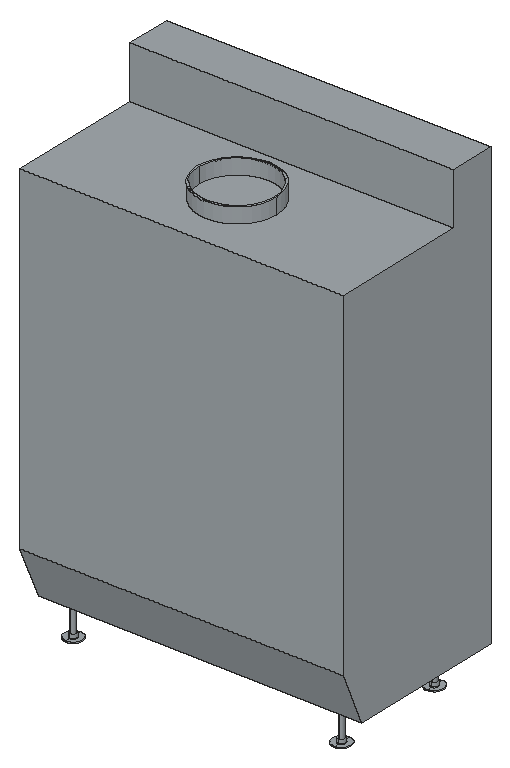
Revit family "METALFIRE_ULTIMATE_D_MF_WHE_1S", category Mechanical Equipment, host Wall, Revit 2017
Family settings
  Host = Wall
  Round Connector Dimension = Use Diameter
  Part Type = Normal
  OmniClass Number = 23.75.00.00
  OmniClass Title = Climate Control (HVAC)
  Always vertical = Yes
  Cut with Voids When Loaded = No
  Shared = No
  Room Calculation Point = Yes
Parameters (values of type "800 x 500 mm")
  WIDTH = 836 mm
  WEIGHT = 405.00 kg
  URL = "https://www.metalfire.eu"
  TECHNICAL SHEET = "https://www.metalfire.eu/en/products/wood-fireplaces/ultime-d"
  SMOKE EXHAUST = "Ø250 mm"
  PRODUCT SHEET = "https://www.archiproducts.com/en/products/metalfire/wood-burning-fireplace-ultime-d-wood-burning-fireplace_456407"
  PRODUCT CODE = "MF 800-50 WHE 1S"
  OVERALL WIDTH = 1060 mm
  OVERALL HEIGHT = 1561 mm
  OVERALL DEPTH = 619 mm
  OUTPUT = 16.6 kW
  Number [instance] = WIDTH / 20 mm  # 42
  Model = "Ultime D"
  Manufacturer = "Metalfire"
  MATERIAL DESCRIPTION = "Iron, galvanized steel and vermiculite plates"
  HEIGHT = 506 mm
  FRAME MATERIAL = Iron - Metalfire
  FINISHING MATERIAL = Black painted vermiculite plates - Metalfire
  FINE DUST EMISSION = "32 mg/Nm3"
  ENERGY EFFICIENCY CLASS = "A+"
  EFFICIENCY = 80.00%
  Description = "This generation of room air independent wood fireplaces with liftable door is equipped with a dynamic combustion technique that ensures optimal combustion and high efficiency."
  CO EMISSION = 0.07%
  BIM USER MANUAL = "https://img.edilportale.com/bim/METALFIRE-BIM-USER-MANUAL-Metalfire-bim.pdf"
  BIM BADGE = "https://bim.archiproducts.com/en/badge/bim-archiproducts-featured_658700/about"
  BIM AUTHOR = "https://bim.archiproducts.com"
Types (6, lengths in mm): name | WIDTH | WEIGHT | PRODUCT CODE | OVERALL WIDTH | OVERALL HEIGHT | OUTPUT | Number | HEIGHT | FINE DUST EMISSION | EFFICIENCY | CO EMISSION
  600 x 500 mm | 836 | 345.00 kg | "MF 600-50 WHE 1S" | 860 | 1561 | 13.8 kW | 42 | 506 | "33 mg/Nm3" | 80.00% | 0.09%
  600 x 750 mm | 836 | 368.00 kg | "MF 600-75 WHE 1S" | 860 | 2061 | 18.8 kW | 42 | 756 | "20 mg/Nm3" | 80.00% | 0.07%
  800 x 500 mm | 836 | 405.00 kg | "MF 800-50 WHE 1S" | 1060 | 1561 | 16.6 kW | 42 | 506 | "32 mg/Nm3" | 80.00% | 0.07%
  800 x 750 mm | 836 | 435.00 kg | "MF 800-75 WHE 1S" | 1060 | 2061 | 21.5 kW | 42 | 756 | "30 mg/Nm3" | 80.00% | 0.08%
  1050 x 500 mm | 1066 | 470.00 kg | "MF 1050-50 WHE 1S" | 1310 | 1561 | 19.4 kW | 53 | 506 | "30 mg/Nm3" | 80.00% | 0.06%
  1050 x 750 mm | 1086 | 495.00 kg | "MF 1050-75 WHE 1S" | 1310 | 2061 | 27.0 kW | 54 | 756 | "26 mg/Nm3" | 77.60% | 0.10%
Reference planes
  plane 1 "Wall": y = 0
  plane 2 "Center (Left/Right)": x = 0
  plane 3 "Back": y = 400
  plane 4: x = 418
  plane 5: x = -418
  plane 6: z = 287.298
  plane 7: z = 793.298
  plane 8: x = -439.5
  plane 9: x = 439.5
  plane 10: x = -398
  plane 11: x = -378
Forms (mm)
  Extrusion 1, void
    sketch origin (0, 400, 0) x (1, 0, 0) y (0, 0, 1)
      loop
        line (428, 277.298) -> (428, 803.298) -> (-428, 803.298) -> (-428, 277.298) -> (428, 277.298)
    from 0 to 90
  Extrusion 2, void
    sketch origin (0, 0, 0) x (0, 1, 0) y (0, 0, 1)
      loop
        line (310, 1561.298) -> (-290, 1561.298) -> (-290, 0) -> (310, 0) -> (310, 1561.298)
    from -530 to 530
  Extrusion 3, solid, material "Black painted vermiculite plates - Metalfire" <- "FINISHING MATERIAL", detail levels medium+fine
    sketch origin (0, 400, 0) x (1, 0, 0) y (0, 0, 1)
      loop
        line (418, 287.298) -> (418, 793.298) -> (-418, 793.298) -> (-418, 287.298) -> (418, 287.298)
      loop
        line (428, 803.298) -> (-428, 803.298) -> (-428, 277.298) -> (428, 277.298) -> (428, 803.298)
    from 90 to 0
  Extrusion 4, solid, material "Iron - Metalfire" <- "FRAME MATERIAL", detail levels fine
    sketch origin (0, 400, 0) x (1, 0, 0) y (0, 0, 1)
      loop
        line (530, 274.993) -> (530, 1389.45) -> (-530, 1389.45) -> (-530, 274.993) -> (530, 274.993)
      loop
        line (481.789, 899.798) -> (345.217, 1288.697) -> (-343.64, 1288.697) -> (-480.211, 899.798) -> (-480.211, 277.298) -> (481.789, 277.298) -> (481.789, 899.798)
    from 240 to 615
  Extrusion 5, solid, material "Iron - Metalfire" <- "FRAME MATERIAL", detail levels fine
    sketch origin (-324, -225.901, 4017.651) x (0, 1, 0) y (0, 0, 1)
      loop
        line (-64.099, -3742.658) -> (10.901, -3742.658) -> (10.901, -2628.201) -> (-64.099, -2628.201) -> (-64.099, -3742.658)
    from -206 to 854
  Extrusion 6, solid, material "Iron - Metalfire" <- "FRAME MATERIAL", detail levels fine
    sketch origin (0, 400, 0) x (1, 0, 0) y (0, 0, 1)
      loop
        line (530, 103.298) -> (530, 1561.298) -> (-530, 1561.298) -> (-530, 103.298) -> (530, 103.298)
      loop
        line (438, 277.298) -> (438, 803.298) -> (-438, 803.298) -> (-438, 277.298) -> (438, 277.298)
    from 90 to 240
  Extrusion 7, solid, material "Iron - Metalfire" <- "FRAME MATERIAL", detail levels fine
    sketch origin (0, 0, 0) x (1, 0, 0) y (0, 1, 0)
      loop
        circle (0, -65) r 125
      loop
        circle (0, -65) r 130
    from 1288.697 to 1438.697
  Revolve 8, solid, material "Iron - Metalfire" <- "FRAME MATERIAL", detail levels fine
    sketch origin (-439.5, 205.804, 4000) x (0, 1, 0) y (0, 0, 1)
      loop
        line (-12, -4000) -> (16.268, -4000) -> (18.268, -3999) -> (18.268, -3997) -> (0.434, -3997) -> (-6, -3994) -> (0, -3994) -> (0, -3984) -> (-4, -3984) -> (-4, -3896.702) -> (-12, -3896.702) -> (-12, -4000)
      axis (-12, -3896.702) -> (-12, -4000)
    angle from 0 to 360
  Revolve 9, solid, material "Iron - Metalfire" <- "FRAME MATERIAL", detail levels fine
    sketch origin (-439.5, -174.196, 4000) x (0, 1, 0) y (0, 0, 1)
      loop
        line (-12, -4000) -> (16.268, -4000) -> (18.268, -3999) -> (18.268, -3997) -> (0.434, -3997) -> (-6, -3994) -> (0, -3994) -> (0, -3984) -> (-4, -3984) -> (-4, -3896.702) -> (-12, -3896.702) -> (-12, -4000)
      axis (-12, -3896.702) -> (-12, -4000)
    angle from 0 to 360
  Revolve 10, solid, material "Iron - Metalfire" <- "FRAME MATERIAL", detail levels fine
    sketch origin (439.5, 205.804, 4000) x (0, 1, 0) y (0, 0, 1)
      loop
        line (-12, -4000) -> (16.268, -4000) -> (18.268, -3999) -> (18.268, -3997) -> (0.434, -3997) -> (-6, -3994) -> (0, -3994) -> (0, -3984) -> (-4, -3984) -> (-4, -3896.702) -> (-12, -3896.702) -> (-12, -4000)
      axis (-12, -3896.702) -> (-12, -4000)
    angle from 0 to 360
  Revolve 11, solid, material "Iron - Metalfire" <- "FRAME MATERIAL", detail levels fine
    sketch origin (439.5, -174.196, 4000) x (0, 1, 0) y (0, 0, 1)
      loop
        line (-12, -4000) -> (16.268, -4000) -> (18.268, -3999) -> (18.268, -3997) -> (0.434, -3997) -> (-6, -3994) -> (0, -3994) -> (0, -3984) -> (-4, -3984) -> (-4, -3896.702) -> (-12, -3896.702) -> (-12, -4000)
      axis (-12, -3896.702) -> (-12, -4000)
    angle from 0 to 360
  Extrusion 12, solid, material "Black painted vermiculite plates - Metalfire" <- "FINISHING MATERIAL", detail levels medium+fine
    sketch origin (0, 0, 0) x (1, 0, 0) y (0, 1, 0)
      loop
        line (-428, -170) -> (428, -170) -> (428, 210) -> (418, 210) -> (418, 310) -> (-418, 310) -> (-418, 210) -> (-428, 210) -> (-428, -170)
    from 277.298 to 287.298
  Extrusion 13, solid, material "Black painted vermiculite plates - Metalfire" <- "FINISHING MATERIAL", detail levels medium+fine
    sketch origin (0, 0, 0) x (1, 0, 0) y (0, 1, 0)
      loop
        line (-438, 310) -> (-438, -180) -> (438, -180) -> (438, 310) -> (418, 310) -> (418, 210) -> (428, 210) -> (428, -170) -> (-428, -170) -> (-428, 210) -> (-418, 210) -> (-418, 310) -> (-438, 310)
    from 277.298 to 803.298
  Extrusion 14, solid, material "Black painted vermiculite plates - Metalfire" <- "FINISHING MATERIAL", detail levels fine
    sketch origin (259.17, 14.558, 0) x (1, 0, 0) y (0, 1, 0)
      loop
        line (-687.17, 175.442) -> (-677.17, 175.442) -> (-677.17, 185.442) -> (-687.17, 185.442) -> (-687.17, 175.442)
    from 287.298 to 803.298
  Extrusion 15, solid, material "Black painted vermiculite plates - Metalfire" <- "FINISHING MATERIAL", detail levels fine
    sketch origin (259.17, -5.442, 0) x (1, 0, 0) y (0, 1, 0)
      loop
        line (-687.17, 175.442) -> (-677.17, 175.442) -> (-677.17, 185.442) -> (-687.17, 185.442) -> (-687.17, 175.442)
    from 287.298 to 803.298
  Extrusion 16, solid, material "Black painted vermiculite plates - Metalfire" <- "FINISHING MATERIAL", detail levels fine
    sketch origin (259.17, -25.442, 0) x (1, 0, 0) y (0, 1, 0)
      loop
        line (-687.17, 175.442) -> (-677.17, 175.442) -> (-677.17, 185.442) -> (-687.17, 185.442) -> (-687.17, 175.442)
    from 287.298 to 803.298
  Extrusion 17, solid, material "Black painted vermiculite plates - Metalfire" <- "FINISHING MATERIAL", detail levels fine
    sketch origin (259.17, -45.442, 0) x (1, 0, 0) y (0, 1, 0)
      loop
        line (-687.17, 175.442) -> (-677.17, 175.442) -> (-677.17, 185.442) -> (-687.17, 185.442) -> (-687.17, 175.442)
    from 287.298 to 803.298
  Extrusion 18, solid, material "Black painted vermiculite plates - Metalfire" <- "FINISHING MATERIAL", detail levels fine
    sketch origin (259.17, -65.442, 0) x (1, 0, 0) y (0, 1, 0)
      loop
        line (-687.17, 175.442) -> (-677.17, 175.442) -> (-677.17, 185.442) -> (-687.17, 185.442) -> (-687.17, 175.442)
    from 287.298 to 803.298
  Extrusion 19, solid, material "Black painted vermiculite plates - Metalfire" <- "FINISHING MATERIAL", detail levels fine
    sketch origin (259.17, -85.442, 0) x (1, 0, 0) y (0, 1, 0)
      loop
        line (-687.17, 175.442) -> (-677.17, 175.442) -> (-677.17, 185.442) -> (-687.17, 185.442) -> (-687.17, 175.442)
    from 287.298 to 803.298
  Extrusion 20, solid, material "Black painted vermiculite plates - Metalfire" <- "FINISHING MATERIAL", detail levels fine
    sketch origin (259.17, -105.442, 0) x (1, 0, 0) y (0, 1, 0)
      loop
        line (-687.17, 175.442) -> (-677.17, 175.442) -> (-677.17, 185.442) -> (-687.17, 185.442) -> (-687.17, 175.442)
    from 287.298 to 803.298
  Extrusion 21, solid, material "Black painted vermiculite plates - Metalfire" <- "FINISHING MATERIAL", detail levels fine
    sketch origin (259.17, -125.442, 0) x (1, 0, 0) y (0, 1, 0)
      loop
        line (-687.17, 175.442) -> (-677.17, 175.442) -> (-677.17, 185.442) -> (-687.17, 185.442) -> (-687.17, 175.442)
    from 287.298 to 803.298
  Extrusion 22, solid, material "Black painted vermiculite plates - Metalfire" <- "FINISHING MATERIAL", detail levels fine
    sketch origin (259.17, -145.442, 0) x (1, 0, 0) y (0, 1, 0)
      loop
        line (-687.17, 175.442) -> (-677.17, 175.442) -> (-677.17, 185.442) -> (-687.17, 185.442) -> (-687.17, 175.442)
    from 287.298 to 803.298
  Extrusion 23, solid, material "Black painted vermiculite plates - Metalfire" <- "FINISHING MATERIAL", detail levels fine
    sketch origin (259.17, -165.442, 0) x (1, 0, 0) y (0, 1, 0)
      loop
        line (-687.17, 175.442) -> (-677.17, 175.442) -> (-677.17, 185.442) -> (-687.17, 185.442) -> (-687.17, 175.442)
    from 287.298 to 803.298
  Extrusion 24, solid, material "Black painted vermiculite plates - Metalfire" <- "FINISHING MATERIAL", detail levels fine
    sketch origin (259.17, -185.442, 0) x (1, 0, 0) y (0, 1, 0)
      loop
        line (-687.17, 175.442) -> (-677.17, 175.442) -> (-677.17, 185.442) -> (-687.17, 185.442) -> (-687.17, 175.442)
    from 287.298 to 803.298
  Extrusion 25, solid, material "Black painted vermiculite plates - Metalfire" <- "FINISHING MATERIAL", detail levels fine
    sketch origin (259.17, -205.442, 0) x (1, 0, 0) y (0, 1, 0)
      loop
        line (-687.17, 175.442) -> (-677.17, 175.442) -> (-677.17, 185.442) -> (-687.17, 185.442) -> (-687.17, 175.442)
    from 287.298 to 803.298
  Extrusion 26, solid, material "Black painted vermiculite plates - Metalfire" <- "FINISHING MATERIAL", detail levels fine
    sketch origin (259.17, -225.442, 0) x (1, 0, 0) y (0, 1, 0)
      loop
        line (-687.17, 175.442) -> (-677.17, 175.442) -> (-677.17, 185.442) -> (-687.17, 185.442) -> (-687.17, 175.442)
    from 287.298 to 803.298
  Extrusion 27, solid, material "Black painted vermiculite plates - Metalfire" <- "FINISHING MATERIAL", detail levels fine
    sketch origin (259.17, -265.442, 0) x (1, 0, 0) y (0, 1, 0)
      loop
        line (-687.17, 175.442) -> (-677.17, 175.442) -> (-677.17, 185.442) -> (-687.17, 185.442) -> (-687.17, 175.442)
    from 287.298 to 803.298
  Extrusion 28, solid, material "Black painted vermiculite plates - Metalfire" <- "FINISHING MATERIAL", detail levels fine
    sketch origin (259.17, -285.442, 0) x (1, 0, 0) y (0, 1, 0)
      loop
        line (-687.17, 175.442) -> (-677.17, 175.442) -> (-677.17, 185.442) -> (-687.17, 185.442) -> (-687.17, 175.442)
    from 287.298 to 803.298
  Extrusion 29, solid, material "Black painted vermiculite plates - Metalfire" <- "FINISHING MATERIAL", detail levels fine
    sketch origin (259.17, -305.442, 0) x (1, 0, 0) y (0, 1, 0)
      loop
        line (-687.17, 175.442) -> (-677.17, 175.442) -> (-677.17, 185.442) -> (-687.17, 185.442) -> (-687.17, 175.442)
    from 287.298 to 803.298
  Extrusion 30, solid, material "Black painted vermiculite plates - Metalfire" <- "FINISHING MATERIAL", detail levels fine
    sketch origin (259.17, -325.442, 0) x (1, 0, 0) y (0, 1, 0)
      loop
        line (-687.17, 175.442) -> (-677.17, 175.442) -> (-677.17, 185.442) -> (-687.17, 185.442) -> (-687.17, 175.442)
    from 287.298 to 803.298
  Extrusion 31, solid, material "Black painted vermiculite plates - Metalfire" <- "FINISHING MATERIAL", detail levels fine
    sketch origin (159.17, -345.442, 0) x (1, 0, 0) y (0, 1, 0)
      loop
        line (-587.17, 175.442) -> (-577.17, 175.442) -> (-577.17, 185.442) -> (-587.17, 185.442) -> (-587.17, 175.442)
    from 287.298 to 803.298
  Extrusion 32, solid, material "Black painted vermiculite plates - Metalfire" <- "FINISHING MATERIAL", detail levels fine
    sketch origin (259.17, -245.442, 0) x (1, 0, 0) y (0, 1, 0)
      loop
        line (-687.17, 175.442) -> (-677.17, 175.442) -> (-677.17, 185.442) -> (-687.17, 185.442) -> (-687.17, 175.442)
    from 287.298 to 803.298
  Extrusion 33, solid, material "Iron - Metalfire" <- "FRAME MATERIAL", detail levels fine
    sketch origin (-439.5, -1068.817, 4000) x (0, 1, 0) y (0, 0, 1)
      loop
        line (1228.817, -3896.702) -> (1228.817, -3725.007) -> (853.817, -3725.007) -> (853.817, -3896.702) -> (1228.817, -3896.702)
    from -90.5 to 969.5
  Extrusion 34, solid, material "Iron - Metalfire" <- "FRAME MATERIAL", detail levels fine
    sketch origin (-439.5, -1068.817, 4000) x (0, 1, 0) y (0, 0, 1)
      loop
        line (778.817, -3725.007) -> (853.817, -3896.702) -> (853.817, -3725.007) -> (778.817, -3725.007)
    from -90.5 to 969.5
  Extrusion 35, solid, material "Black painted vermiculite plates - Metalfire" <- "FINISHING MATERIAL", detail levels fine
    sketch origin (-259.17, 14.558, 0) x (-1, 0, 0) y (0, -1, 0)
      loop
        line (-687.17, -175.442) -> (-687.17, -185.442) -> (-677.17, -185.442) -> (-677.17, -175.442) -> (-687.17, -175.442)
    from 287.298 to 803.298
  Extrusion 36, solid, material "Black painted vermiculite plates - Metalfire" <- "FINISHING MATERIAL", detail levels fine
    sketch origin (-259.17, -5.442, 0) x (-1, 0, 0) y (0, -1, 0)
      loop
        line (-687.17, -175.442) -> (-687.17, -185.442) -> (-677.17, -185.442) -> (-677.17, -175.442) -> (-687.17, -175.442)
    from 287.298 to 803.298
  Extrusion 37, solid, material "Black painted vermiculite plates - Metalfire" <- "FINISHING MATERIAL", detail levels fine
    sketch origin (-259.17, -25.442, 0) x (-1, 0, 0) y (0, -1, 0)
      loop
        line (-687.17, -175.442) -> (-687.17, -185.442) -> (-677.17, -185.442) -> (-677.17, -175.442) -> (-687.17, -175.442)
    from 287.298 to 803.298
  Extrusion 38, solid, material "Black painted vermiculite plates - Metalfire" <- "FINISHING MATERIAL", detail levels fine
    sketch origin (-259.17, -45.442, 0) x (-1, 0, 0) y (0, -1, 0)
      loop
        line (-687.17, -175.442) -> (-687.17, -185.442) -> (-677.17, -185.442) -> (-677.17, -175.442) -> (-687.17, -175.442)
    from 287.298 to 803.298
  Extrusion 39, solid, material "Black painted vermiculite plates - Metalfire" <- "FINISHING MATERIAL", detail levels fine
    sketch origin (-259.17, -65.442, 0) x (-1, 0, 0) y (0, -1, 0)
      loop
        line (-687.17, -175.442) -> (-687.17, -185.442) -> (-677.17, -185.442) -> (-677.17, -175.442) -> (-687.17, -175.442)
    from 287.298 to 803.298
  Extrusion 40, solid, material "Black painted vermiculite plates - Metalfire" <- "FINISHING MATERIAL", detail levels fine
    sketch origin (-259.17, -85.442, 0) x (-1, 0, 0) y (0, -1, 0)
      loop
        line (-687.17, -175.442) -> (-687.17, -185.442) -> (-677.17, -185.442) -> (-677.17, -175.442) -> (-687.17, -175.442)
    from 287.298 to 803.298
  Extrusion 41, solid, material "Black painted vermiculite plates - Metalfire" <- "FINISHING MATERIAL", detail levels fine
    sketch origin (-259.17, -105.442, 0) x (-1, 0, 0) y (0, -1, 0)
      loop
        line (-687.17, -175.442) -> (-687.17, -185.442) -> (-677.17, -185.442) -> (-677.17, -175.442) -> (-687.17, -175.442)
    from 287.298 to 803.298
  Extrusion 42, solid, material "Black painted vermiculite plates - Metalfire" <- "FINISHING MATERIAL", detail levels fine
    sketch origin (-259.17, -125.442, 0) x (-1, 0, 0) y (0, -1, 0)
      loop
        line (-687.17, -175.442) -> (-687.17, -185.442) -> (-677.17, -185.442) -> (-677.17, -175.442) -> (-687.17, -175.442)
    from 287.298 to 803.298
  Extrusion 43, solid, material "Black painted vermiculite plates - Metalfire" <- "FINISHING MATERIAL", detail levels fine
    sketch origin (-259.17, -145.442, 0) x (-1, 0, 0) y (0, -1, 0)
      loop
        line (-687.17, -175.442) -> (-687.17, -185.442) -> (-677.17, -185.442) -> (-677.17, -175.442) -> (-687.17, -175.442)
    from 287.298 to 803.298
  Extrusion 44, solid, material "Black painted vermiculite plates - Metalfire" <- "FINISHING MATERIAL", detail levels fine
    sketch origin (-259.17, -165.442, 0) x (-1, 0, 0) y (0, -1, 0)
      loop
        line (-687.17, -175.442) -> (-687.17, -185.442) -> (-677.17, -185.442) -> (-677.17, -175.442) -> (-687.17, -175.442)
    from 287.298 to 803.298
  Extrusion 45, solid, material "Black painted vermiculite plates - Metalfire" <- "FINISHING MATERIAL", detail levels fine
    sketch origin (-259.17, -185.442, 0) x (-1, 0, 0) y (0, -1, 0)
      loop
        line (-687.17, -175.442) -> (-687.17, -185.442) -> (-677.17, -185.442) -> (-677.17, -175.442) -> (-687.17, -175.442)
    from 287.298 to 803.298
  Extrusion 46, solid, material "Black painted vermiculite plates - Metalfire" <- "FINISHING MATERIAL", detail levels fine
    sketch origin (-259.17, -205.442, 0) x (-1, 0, 0) y (0, -1, 0)
      loop
        line (-687.17, -175.442) -> (-687.17, -185.442) -> (-677.17, -185.442) -> (-677.17, -175.442) -> (-687.17, -175.442)
    from 287.298 to 803.298
  Extrusion 47, solid, material "Black painted vermiculite plates - Metalfire" <- "FINISHING MATERIAL", detail levels fine
    sketch origin (-259.17, -225.442, 0) x (-1, 0, 0) y (0, -1, 0)
      loop
        line (-687.17, -175.442) -> (-687.17, -185.442) -> (-677.17, -185.442) -> (-677.17, -175.442) -> (-687.17, -175.442)
    from 287.298 to 803.298
  Extrusion 48, solid, material "Black painted vermiculite plates - Metalfire" <- "FINISHING MATERIAL", detail levels fine
    sketch origin (-259.17, -265.442, 0) x (-1, 0, 0) y (0, -1, 0)
      loop
        line (-687.17, -175.442) -> (-687.17, -185.442) -> (-677.17, -185.442) -> (-677.17, -175.442) -> (-687.17, -175.442)
    from 287.298 to 803.298
  Extrusion 49, solid, material "Black painted vermiculite plates - Metalfire" <- "FINISHING MATERIAL", detail levels fine
    sketch origin (-259.17, -285.442, 0) x (-1, 0, 0) y (0, -1, 0)
      loop
        line (-687.17, -175.442) -> (-687.17, -185.442) -> (-677.17, -185.442) -> (-677.17, -175.442) -> (-687.17, -175.442)
    from 287.298 to 803.298
  Extrusion 50, solid, material "Black painted vermiculite plates - Metalfire" <- "FINISHING MATERIAL", detail levels fine
    sketch origin (-259.17, -305.442, 0) x (-1, 0, 0) y (0, -1, 0)
      loop
        line (-687.17, -175.442) -> (-687.17, -185.442) -> (-677.17, -185.442) -> (-677.17, -175.442) -> (-687.17, -175.442)
    from 287.298 to 803.298
  Extrusion 51, solid, material "Black painted vermiculite plates - Metalfire" <- "FINISHING MATERIAL", detail levels fine
    sketch origin (-259.17, -325.442, 0) x (-1, 0, 0) y (0, -1, 0)
      loop
        line (-687.17, -175.442) -> (-687.17, -185.442) -> (-677.17, -185.442) -> (-677.17, -175.442) -> (-687.17, -175.442)
    from 287.298 to 803.298
  Extrusion 52, solid, material "Black painted vermiculite plates - Metalfire" <- "FINISHING MATERIAL", detail levels fine
    sketch origin (-259.17, -345.442, 0) x (-1, 0, 0) y (0, -1, 0)
      loop
        line (-687.17, -175.442) -> (-687.17, -185.442) -> (-677.17, -185.442) -> (-677.17, -175.442) -> (-687.17, -175.442)
    from 287.298 to 803.298
  Extrusion 53, solid, material "Black painted vermiculite plates - Metalfire" <- "FINISHING MATERIAL", detail levels fine
    sketch origin (-259.17, -245.442, 0) x (-1, 0, 0) y (0, -1, 0)
      loop
        line (-687.17, -175.442) -> (-687.17, -185.442) -> (-677.17, -185.442) -> (-677.17, -175.442) -> (-687.17, -175.442)
    from 287.298 to 803.298
  Extrusion 54, solid, material "Clear Glass - Metalfire", detail levels medium+fine
    sketch origin (0, 0, 0) x (1, 0, 0) y (0, 1, 0)
      loop
        line (-418, 310) -> (-418, 305) -> (418, 305) -> (418, 310) -> (-418, 310)
    from 287.298 to 793.298
Cuts and joins
  joined: Extrusion 4, Extrusion 5, Extrusion 6, Extrusion 33, Extrusion 34
Text (mm)
  text "Placement side" at (-1820.995, 1116.779, 0), in view "Ref. Level"
  text "Placement side" at (0, 1334.055, 2976.191), in view "Left"
  text "Placement side" at (0, 439.194, 2944.362), in view "Right"
Dimensions and locks
  locked: plane 3 "Back" to host wall
  equal spacing: plane 5, plane 2 "Center (Left/Right)", plane 4
  "WIDTH": plane 5 to plane 4
  locked: level to plane 6 at 287.298
  "HEIGHT": plane 6 to plane 7
  locked: Extrusion 3 sketch curve to Extrusion 3 sketch curve at 10  (x4)
  Extrusion 4 sketch curve to Extrusion 4 sketch curve to Extrusion 4 sketch curve = 48.211 mm locked, 136.572 mm locked
  Extrusion 4 sketch curve to Extrusion 4 sketch curve to Extrusion 4 sketch curve = 49.789 mm locked, 136.572 mm locked
  locked: Extrusion 4 sketch curve to plane 4 at 112
  locked: plane 5 to Extrusion 4 sketch curve at 112
  locked: plane 7 to Extrusion 4 sketch curve at 596.152
  Extrusion 4 sketch curve to Extrusion 4 sketch curve to Extrusion 4 sketch curve = 388.899 mm locked, 100.753 mm locked
  Extrusion 4 to Extrusion 4 to plane 3 "Back" = 375 mm locked, 240 mm locked
  locked: Extrusion 5 sketch curve to plane 7 at 596.152
  locked: Extrusion 5 sketch curve to plane 6 at 12.305
  Extrusion 5 sketch curve to Extrusion 5 sketch curve to plane 3 "Back" = 75 mm locked, 615 mm locked
  Extrusion 6 to Extrusion 6 to plane 3 "Back" = 150 mm locked, 90 mm locked
  locked: Extrusion 7 sketch curve to plane 3 "Back" at 465
  locked: Extrusion 7 to cut or joined group of Extrusion 4, Extrusion 5, Extrusion 6, Extrusion 33, Extrusion 34 at 122.601
  locked: cut or joined group of Extrusion 4, Extrusion 5, Extrusion 6, Extrusion 33, Extrusion 34 to cut or joined group of Extrusion 4, Extrusion 5, Extrusion 6, Extrusion 33, Extrusion 34 at 272.601
  locked: Revolve 8 sketch curve to plane 3 "Back" at 206.196
  locked: Revolve 9 sketch curve to plane 3 "Back" at 586.196
  locked: Revolve 10 sketch curve to plane 3 "Back" at 206.196
  locked: Revolve 11 sketch curve to plane 3 "Back" at 586.196
  locked: plane 9 to plane 4 at 21.5
  locked: plane 5 to plane 8 at 21.5
  locked: Extrusion 13 sketch curve to Extrusion 13 sketch curve at 10  (x3)
  Extrusion 13 sketch curve to plane 3 "Back" = 580 mm
  locked: Extrusion 13 sketch curve to plane 5 at 10
  locked: plane 4 to Extrusion 13 sketch curve at 10
  locked: Extrusion 13 sketch curve to Extrusion 13 sketch curve at 100  (x2)
  locked: Extrusion 14 sketch curve to Extrusion 14 sketch curve at 10  (x2)
  locked: Extrusion 15 sketch curve to Extrusion 15 sketch curve at 10  (x2)
  locked: Extrusion 16 sketch curve to Extrusion 16 sketch curve at 10  (x2)
  locked: Extrusion 17 sketch curve to Extrusion 17 sketch curve at 10  (x2)
  locked: Extrusion 18 sketch curve to Extrusion 18 sketch curve at 10  (x2)
  locked: Extrusion 19 sketch curve to Extrusion 19 sketch curve at 10  (x2)
  locked: Extrusion 20 sketch curve to Extrusion 20 sketch curve at 10  (x2)
  locked: Extrusion 21 sketch curve to Extrusion 21 sketch curve at 10  (x2)
  locked: Extrusion 22 sketch curve to Extrusion 22 sketch curve at 10  (x2)
  locked: Extrusion 23 sketch curve to Extrusion 23 sketch curve at 10  (x2)
  locked: Extrusion 24 sketch curve to Extrusion 24 sketch curve at 10  (x2)
  locked: Extrusion 25 sketch curve to Extrusion 25 sketch curve at 10  (x2)
  locked: Extrusion 26 sketch curve to Extrusion 26 sketch curve at 10  (x2)
  locked: Extrusion 27 sketch curve to Extrusion 27 sketch curve at 10  (x2)
  locked: Extrusion 28 sketch curve to Extrusion 28 sketch curve at 10  (x2)
  locked: Extrusion 29 sketch curve to Extrusion 29 sketch curve at 10  (x2)
  locked: Extrusion 30 sketch curve to Extrusion 30 sketch curve at 10  (x2)
  locked: Extrusion 31 sketch curve to Extrusion 31 sketch curve at 10  (x2)
  Extrusion 31 to Extrusion 30 to Extrusion 29 to Extrusion 28 to Extrusion 27 to Extrusion 26 to Extrusion 25 to Extrusion 24 to Extrusion 23 to Extrusion 22 to Extrusion 21 to Extrusion 20 to Extrusion 19 to Extrusion 18 to Extrusion 17 to Extrusion 16 to Extrusion 15 to Extrusion 14 to plane 3 "Back" = 20 mm locked, 20 mm locked, 20 mm locked, 20 mm locked, 40 mm locked, 20 mm locked, 20 mm locked, 20 mm locked, 20 mm locked, 20 mm locked, 20 mm locked, 20 mm locked, 20 mm locked, 20 mm locked, 20 mm locked, 20 mm locked, 20 mm locked, 200 mm locked
  locked: Extrusion 32 sketch curve to Extrusion 32 sketch curve at 10  (x2)
  locked: Extrusion 32 to Extrusion 27 at 20
  locked: Extrusion 35 sketch curve to Extrusion 35 sketch curve at 10  (x2)
  locked: Extrusion 36 sketch curve to Extrusion 36 sketch curve at 10  (x2)
  locked: Extrusion 37 sketch curve to Extrusion 37 sketch curve at 10  (x2)
  locked: Extrusion 38 sketch curve to Extrusion 38 sketch curve at 10  (x2)
  locked: Extrusion 39 sketch curve to Extrusion 39 sketch curve at 10  (x2)
  locked: Extrusion 40 sketch curve to Extrusion 40 sketch curve at 10  (x2)
  locked: Extrusion 41 sketch curve to Extrusion 41 sketch curve at 10  (x2)
  locked: Extrusion 42 sketch curve to Extrusion 42 sketch curve at 10  (x2)
  locked: Extrusion 43 sketch curve to Extrusion 43 sketch curve at 10  (x2)
  locked: Extrusion 44 sketch curve to Extrusion 44 sketch curve at 10  (x2)
  locked: Extrusion 45 sketch curve to Extrusion 45 sketch curve at 10  (x2)
  locked: Extrusion 46 sketch curve to Extrusion 46 sketch curve at 10  (x2)
  locked: Extrusion 47 sketch curve to Extrusion 47 sketch curve at 10  (x2)
  locked: Extrusion 48 sketch curve to Extrusion 48 sketch curve at 10  (x2)
  locked: Extrusion 49 sketch curve to Extrusion 49 sketch curve at 10  (x2)
  locked: Extrusion 50 sketch curve to Extrusion 50 sketch curve at 10  (x2)
  locked: Extrusion 51 sketch curve to Extrusion 51 sketch curve at 10  (x2)
  locked: Extrusion 52 sketch curve to Extrusion 52 sketch curve at 10  (x2)
  Extrusion 52 to Extrusion 51 to Extrusion 50 to Extrusion 49 to Extrusion 48 to Extrusion 47 to Extrusion 46 to Extrusion 45 to Extrusion 44 to Extrusion 43 to Extrusion 42 to Extrusion 41 to Extrusion 40 to Extrusion 39 to Extrusion 38 to Extrusion 37 to Extrusion 36 to Extrusion 35 = 20 mm locked, 20 mm locked, 20 mm locked, 20 mm locked, 40 mm locked, 20 mm locked, 20 mm locked, 20 mm locked, 20 mm locked, 20 mm locked, 20 mm locked, 20 mm locked, 20 mm locked, 20 mm locked, 20 mm locked, 20 mm locked, 20 mm locked
  locked: Extrusion 53 sketch curve to Extrusion 53 sketch curve at 10  (x2)
  locked: Extrusion 53 to Extrusion 48 at 20
  locked: plane 3 "Back" to Extrusion 35 at 200
  locked: Extrusion 54 sketch curve to Extrusion 54 sketch curve at 5
  plane 5 to plane 10 to plane 11 = 20 mm locked, 20 mm locked
  equal spacing: group 1, group 2, group 3, group 4, group 5, group 6, group 7, group 8, group 9, group 10, group 11, group 12, group 13, group 14, group 15, group 16, group 17, group 18, group 19, group 20, group 21, group 22, group 23, group 24, group 25, group 26, group 27, group 28, group 29, group 30, group 31, group 32, group 33, group 34, group 35, group 36, group 37, group 38, group 39, group 40, group 41, group 42  (x3)
  aligned and locked: plane 1 "Wall" to host wall
  aligned and locked: Extrusion 1 to plane 3 "Back"
  aligned and locked: plane 6 to Extrusion 3 sketch curve
  aligned and locked: Extrusion 3 sketch curve to plane 4
  aligned and locked: Extrusion 3 sketch curve to plane 7
  aligned and locked: plane 5 to Extrusion 3 sketch curve
  aligned and locked: Extrusion 5 to Extrusion 4  (x2)
  aligned and locked: Extrusion 3 to plane 3 "Back"
  aligned and locked: Extrusion 6 sketch curve to cut or joined group of Extrusion 4, Extrusion 5, Extrusion 6, Extrusion 33, Extrusion 34
  aligned and locked: Extrusion 6 sketch curve to Extrusion 3  (x2)
  aligned and locked: Extrusion 4 sketch curve to Extrusion 3
  aligned and locked: plane 2 "Center (Left/Right)" to Extrusion 7 sketch curve
  aligned and locked: cut or joined group of Extrusion 4, Extrusion 5, Extrusion 6, Extrusion 33, Extrusion 34 to Extrusion 7
  aligned and locked: Extrusion 2 sketch curve to cut or joined group of Extrusion 4, Extrusion 5, Extrusion 6, Extrusion 33, Extrusion 34
  aligned and locked: Extrusion 2 sketch curve to level
  aligned and locked: Extrusion 1 to Extrusion 3
  aligned and locked: Extrusion 1 sketch curve to Extrusion 3  (x4)
  aligned and locked: Revolve 8 sketch curve to Revolve 8 sketch curve
  aligned and locked: Revolve 9 sketch curve to Revolve 9 sketch curve
  aligned and locked: Revolve 10 sketch curve to Revolve 10 sketch curve
  aligned and locked: Revolve 11 sketch curve to Revolve 11 sketch curve
  aligned and locked: Extrusion 12 sketch curve to Extrusion 3  (x2)
  aligned and locked: Extrusion 12 to Extrusion 3
  aligned and locked: plane 6 to Extrusion 12
  aligned and locked: Extrusion 6 sketch curve to Extrusion 13  (x2)
  aligned and locked: Extrusion 13 to Extrusion 3  (x2)
  aligned and locked: Extrusion 3 to Extrusion 12 sketch curve
  aligned and locked: Extrusion 12 sketch curve to Extrusion 13  (x5)
  aligned and locked: plane 5 to Extrusion 13 sketch curve
  aligned and locked: plane 4 to Extrusion 13 sketch curve
  aligned and locked: Extrusion 14 to plane 6
  aligned and locked: Extrusion 14 to Extrusion 3
  aligned and locked: plane 5 to Extrusion 14
  aligned and locked: plane 5 to Extrusion 15
  aligned and locked: plane 5 to Extrusion 16
  aligned and locked: plane 5 to Extrusion 17
  aligned and locked: plane 5 to Extrusion 18
  aligned and locked: plane 5 to Extrusion 19
  aligned and locked: plane 5 to Extrusion 20
  aligned and locked: plane 5 to Extrusion 21
  aligned and locked: plane 5 to Extrusion 22
  aligned and locked: plane 5 to Extrusion 23
  aligned and locked: plane 5 to Extrusion 24
  aligned and locked: plane 5 to Extrusion 25
  aligned and locked: plane 5 to Extrusion 26
  aligned and locked: plane 5 to Extrusion 27
  aligned and locked: plane 5 to Extrusion 28
  aligned and locked: plane 5 to Extrusion 29
  aligned and locked: plane 5 to Extrusion 30
  aligned and locked: plane 5 to Extrusion 31
  aligned and locked: Extrusion 33 to cut or joined group of Extrusion 4, Extrusion 5, Extrusion 6, Extrusion 33, Extrusion 34
  aligned and locked: cut or joined group of Extrusion 4, Extrusion 5, Extrusion 6, Extrusion 33, Extrusion 34 to Extrusion 33
  aligned and locked: cut or joined group of Extrusion 4, Extrusion 5, Extrusion 6, Extrusion 33, Extrusion 34 to Extrusion 33 sketch curve  (x3)
  aligned and locked: Extrusion 33 sketch curve to cut or joined group of Extrusion 4, Extrusion 5, Extrusion 6, Extrusion 33, Extrusion 34
  aligned and locked: cut or joined group of Extrusion 4, Extrusion 5, Extrusion 6, Extrusion 33, Extrusion 34 to Extrusion 34 sketch curve
  aligned and locked: Extrusion 34 sketch curve to cut or joined group of Extrusion 4, Extrusion 5, Extrusion 6, Extrusion 33, Extrusion 34  (x3)
  aligned and locked: Extrusion 34 to cut or joined group of Extrusion 4, Extrusion 5, Extrusion 6, Extrusion 33, Extrusion 34
  aligned and locked: cut or joined group of Extrusion 4, Extrusion 5, Extrusion 6, Extrusion 33, Extrusion 34 to Extrusion 34
  aligned and locked: Extrusion 52 to plane 4
  aligned and locked: Extrusion 51 to plane 4
  aligned and locked: Extrusion 50 to plane 4
  aligned and locked: Extrusion 49 to plane 4
  aligned and locked: Extrusion 48 to plane 4
  aligned and locked: Extrusion 53 to plane 4
  aligned and locked: Extrusion 47 to plane 4
  aligned and locked: Extrusion 46 to plane 4
  aligned and locked: Extrusion 45 to plane 4
  aligned and locked: Extrusion 44 to plane 4
  aligned and locked: Extrusion 43 to plane 4
  aligned and locked: Extrusion 42 to plane 4
  aligned and locked: Extrusion 41 to plane 4
  aligned and locked: Extrusion 40 to plane 4
  aligned and locked: Extrusion 39 to plane 4
  aligned and locked: Extrusion 38 to plane 4
  aligned and locked: Extrusion 37 to plane 4
  aligned and locked: Extrusion 36 to plane 4
  aligned and locked: Extrusion 35 to plane 4
  aligned and locked: Extrusion 3 to Extrusion 35
  aligned and locked: Extrusion 3 to Extrusion 36
  aligned and locked: Extrusion 3 to Extrusion 37
  aligned and locked: Extrusion 3 to Extrusion 38
  aligned and locked: Extrusion 3 to Extrusion 39
  aligned and locked: Extrusion 3 to Extrusion 40
  aligned and locked: Extrusion 3 to Extrusion 41
  aligned and locked: Extrusion 3 to Extrusion 42
  aligned and locked: Extrusion 3 to Extrusion 43
  aligned and locked: Extrusion 3 to Extrusion 44
  aligned and locked: Extrusion 3 to Extrusion 45
  aligned and locked: Extrusion 3 to Extrusion 46
  aligned and locked: Extrusion 3 to Extrusion 47
  aligned and locked: Extrusion 3 to Extrusion 53
  aligned and locked: Extrusion 3 to Extrusion 48
  aligned and locked: Extrusion 3 to Extrusion 49
  aligned and locked: Extrusion 3 to Extrusion 50
  aligned and locked: Extrusion 3 to Extrusion 51
  aligned and locked: Extrusion 3 to Extrusion 52
  aligned and locked: Extrusion 15 to Extrusion 3
  aligned and locked: Extrusion 16 to Extrusion 3
  aligned and locked: Extrusion 17 to Extrusion 3
  aligned and locked: Extrusion 18 to Extrusion 3
  aligned and locked: Extrusion 19 to Extrusion 3
  aligned and locked: Extrusion 20 to Extrusion 3
  aligned and locked: Extrusion 21 to Extrusion 3
  aligned and locked: Extrusion 22 to Extrusion 3
  aligned and locked: Extrusion 23 to Extrusion 3
  aligned and locked: Extrusion 24 to Extrusion 3
  aligned and locked: Extrusion 25 to Extrusion 3
  aligned and locked: Extrusion 26 to Extrusion 3
  aligned and locked: Extrusion 32 to Extrusion 3
  aligned and locked: Extrusion 27 to Extrusion 3
  aligned and locked: Extrusion 28 to Extrusion 3
  aligned and locked: Extrusion 29 to Extrusion 3
  aligned and locked: Extrusion 30 to Extrusion 3
  aligned and locked: Extrusion 54 sketch curve to cut or joined group of Extrusion 4, Extrusion 5, Extrusion 6, Extrusion 33, Extrusion 34
  aligned and locked: plane 5 to Extrusion 54 sketch curve
  aligned and locked: Extrusion 54 sketch curve to plane 4
  aligned and locked: plane 7 to Extrusion 54
  aligned and locked: Extrusion 54 to plane 6
  aligned and locked: Extrusion 31 to Extrusion 3
  aligned and locked: nested 1 to Extrusion 13  (x2)
  aligned and locked: plane 10 to nested 1
  aligned and locked: nested 1 to plane 6
  aligned and locked: plane 11 to nested 2
  aligned and locked: Extrusion 31 to plane 6
  aligned and locked: nested 2 to Extrusion 13
  aligned and locked: nested 43 to cut or joined group of Extrusion 4, Extrusion 5, Extrusion 6, Extrusion 33, Extrusion 34  (x3)
  aligned and locked: Extrusion 2 to cut or joined group of Extrusion 4, Extrusion 5, Extrusion 6, Extrusion 33, Extrusion 34  (x2)
Automatic sketch dimensions
  Extrusion 2 sketch curve to host wall = 90 mm
  plane 7 to Extrusion 2 sketch curve = 768 mm
  Extrusion 4 sketch curve to plane 6 = 12.305 mm
  plane 7 to Extrusion 4 sketch curve = 106.5 mm
  plane 9 to Extrusion 6 sketch curve = 90.5 mm
  level to Extrusion 6 sketch curve = 103.298 mm
  Extrusion 6 sketch curve to Extrusion 6 sketch curve = 758 mm
  Extrusion 7 sketch curve to Extrusion 7 sketch curve = 0 mm  (x2)
  Revolve 8 sketch curve to level = 0 mm
  Revolve 8 sketch curve to Revolve 8 sketch curve = 6 mm
  Revolve 8 sketch curve to Revolve 8 sketch curve = 2 mm  (x3)
  Revolve 8 sketch curve to Revolve 8 sketch curve = 4 mm
  Revolve 8 sketch curve to Revolve 8 sketch curve = 0.434 mm
  Revolve 8 sketch curve to Revolve 8 sketch curve = 15.834 mm
  level to Revolve 8 sketch curve = 1 mm
  Revolve 8 sketch curve to Revolve 8 sketch curve = 3 mm
  Revolve 8 sketch curve to Revolve 8 sketch curve = 10 mm
  Revolve 8 sketch curve to Revolve 8 sketch curve = 87.298 mm
  Revolve 8 sketch curve to level = 39.007 mm
  Revolve 8 sketch curve to Revolve 8 sketch curve = 72.695 mm
  Revolve 9 sketch curve to level = 0 mm
  Revolve 9 sketch curve to Revolve 9 sketch curve = 6 mm
  Revolve 9 sketch curve to Revolve 9 sketch curve = 2 mm  (x3)
  Revolve 9 sketch curve to Revolve 9 sketch curve = 4 mm
  Revolve 9 sketch curve to Revolve 9 sketch curve = 0.434 mm
  Revolve 9 sketch curve to Revolve 9 sketch curve = 15.834 mm
  level to Revolve 9 sketch curve = 1 mm
  Revolve 9 sketch curve to Revolve 9 sketch curve = 3 mm
  Revolve 9 sketch curve to Revolve 9 sketch curve = 10 mm
  Revolve 9 sketch curve to Revolve 9 sketch curve = 87.298 mm
  Revolve 9 sketch curve to level = 39.007 mm
  Revolve 9 sketch curve to Revolve 9 sketch curve = 72.695 mm
  Revolve 10 sketch curve to level = 0 mm
  Revolve 10 sketch curve to Revolve 10 sketch curve = 6 mm
  Revolve 10 sketch curve to Revolve 10 sketch curve = 2 mm  (x3)
  Revolve 10 sketch curve to Revolve 10 sketch curve = 4 mm
  Revolve 10 sketch curve to Revolve 10 sketch curve = 0.434 mm
  Revolve 10 sketch curve to Revolve 10 sketch curve = 15.834 mm
  level to Revolve 10 sketch curve = 1 mm
  Revolve 10 sketch curve to Revolve 10 sketch curve = 3 mm
  Revolve 10 sketch curve to Revolve 10 sketch curve = 10 mm
  Revolve 10 sketch curve to Revolve 10 sketch curve = 87.298 mm
  Revolve 10 sketch curve to level = 39.007 mm
  Revolve 10 sketch curve to Revolve 10 sketch curve = 72.695 mm
  Revolve 11 sketch curve to level = 0 mm
  Revolve 11 sketch curve to Revolve 11 sketch curve = 6 mm
  Revolve 11 sketch curve to Revolve 11 sketch curve = 2 mm  (x3)
  Revolve 11 sketch curve to Revolve 11 sketch curve = 4 mm
  Revolve 11 sketch curve to Revolve 11 sketch curve = 0.434 mm
  Revolve 11 sketch curve to Revolve 11 sketch curve = 15.834 mm
  level to Revolve 11 sketch curve = 1 mm
  Revolve 11 sketch curve to Revolve 11 sketch curve = 3 mm
  Revolve 11 sketch curve to Revolve 11 sketch curve = 10 mm
  Revolve 11 sketch curve to Revolve 11 sketch curve = 87.298 mm
  Revolve 11 sketch curve to level = 39.007 mm
  Revolve 11 sketch curve to Revolve 11 sketch curve = 72.695 mm
  Extrusion 13 sketch curve to host wall = 190 mm  (x2)
  Extrusion 14 sketch curve to plane 5 = 0 mm
  Extrusion 14 sketch curve to host wall = 210 mm
  Extrusion 15 sketch curve to plane 5 = 0 mm
  Extrusion 15 sketch curve to host wall = 230 mm
  Extrusion 16 sketch curve to plane 5 = 0 mm
  Extrusion 16 sketch curve to host wall = 250 mm
  Extrusion 17 sketch curve to plane 5 = 0 mm
  Extrusion 17 sketch curve to host wall = 270 mm
  Extrusion 18 sketch curve to plane 5 = 0 mm
  Extrusion 18 sketch curve to host wall = 290 mm
  Extrusion 19 sketch curve to plane 5 = 0 mm
  Extrusion 19 sketch curve to host wall = 310 mm
  Extrusion 20 sketch curve to plane 5 = 0 mm
  Extrusion 20 sketch curve to host wall = 330 mm
  Extrusion 21 sketch curve to plane 5 = 0 mm
  Extrusion 21 sketch curve to host wall = 350 mm
  Extrusion 22 sketch curve to plane 5 = 0 mm
  Extrusion 22 sketch curve to host wall = 370 mm
  Extrusion 23 sketch curve to plane 5 = 0 mm
  Extrusion 23 sketch curve to host wall = 390 mm
  Extrusion 24 sketch curve to plane 5 = 0 mm
  Extrusion 24 sketch curve to host wall = 410 mm
  Extrusion 25 sketch curve to plane 5 = 0 mm
  Extrusion 25 sketch curve to host wall = 430 mm
  Extrusion 26 sketch curve to plane 5 = 0 mm
  Extrusion 26 sketch curve to host wall = 450 mm
  Extrusion 27 sketch curve to plane 5 = 0 mm
  Extrusion 27 sketch curve to host wall = 490 mm
  Extrusion 28 sketch curve to plane 5 = 0 mm
  host wall to Extrusion 28 sketch curve = 110 mm
  Extrusion 29 sketch curve to plane 5 = 0 mm
  host wall to Extrusion 29 sketch curve = 130 mm
  Extrusion 30 sketch curve to plane 5 = 0 mm
  host wall to Extrusion 30 sketch curve = 150 mm
  Extrusion 32 sketch curve to plane 5 = 0 mm
  Extrusion 32 sketch curve to host wall = 470 mm
  Extrusion 35 sketch curve to plane 4 = 0 mm
  host wall to Extrusion 35 sketch curve = 210 mm
  Extrusion 36 sketch curve to plane 4 = 0 mm
  host wall to Extrusion 36 sketch curve = 230 mm
  Extrusion 37 sketch curve to plane 4 = 0 mm
  host wall to Extrusion 37 sketch curve = 250 mm
  Extrusion 38 sketch curve to plane 4 = 0 mm
  host wall to Extrusion 38 sketch curve = 270 mm
  Extrusion 39 sketch curve to plane 4 = 0 mm
  host wall to Extrusion 39 sketch curve = 290 mm
  Extrusion 40 sketch curve to plane 4 = 0 mm
  host wall to Extrusion 40 sketch curve = 310 mm
  Extrusion 41 sketch curve to plane 4 = 0 mm
  host wall to Extrusion 41 sketch curve = 330 mm
  Extrusion 42 sketch curve to plane 4 = 0 mm
  host wall to Extrusion 42 sketch curve = 350 mm
  Extrusion 43 sketch curve to plane 4 = 0 mm
  host wall to Extrusion 43 sketch curve = 370 mm
  Extrusion 44 sketch curve to plane 4 = 0 mm
  host wall to Extrusion 44 sketch curve = 390 mm
  Extrusion 45 sketch curve to plane 4 = 0 mm
  host wall to Extrusion 45 sketch curve = 410 mm
  Extrusion 46 sketch curve to plane 4 = 0 mm
  host wall to Extrusion 46 sketch curve = 430 mm
  Extrusion 47 sketch curve to plane 4 = 0 mm
  host wall to Extrusion 47 sketch curve = 450 mm
  Extrusion 48 sketch curve to plane 4 = 0 mm
  host wall to Extrusion 48 sketch curve = 490 mm
  Extrusion 49 sketch curve to plane 4 = 0 mm
  Extrusion 49 sketch curve to host wall = 110 mm
  Extrusion 50 sketch curve to plane 4 = 0 mm
  Extrusion 50 sketch curve to host wall = 130 mm
  Extrusion 51 sketch curve to plane 4 = 0 mm
  Extrusion 51 sketch curve to host wall = 150 mm
  Extrusion 52 sketch curve to plane 4 = 0 mm
  Extrusion 52 sketch curve to host wall = 170 mm
  Extrusion 53 sketch curve to plane 4 = 0 mm
  host wall to Extrusion 53 sketch curve = 470 mm
  Extrusion 31 sketch curve to plane 5 = 0 mm
  host wall to Extrusion 31 sketch curve = 170 mm
  radius of Extrusion 7 sketch curve = 125 mm
  radius of Extrusion 7 sketch curve = 130 mm
Nested families
  nested 1: "Element" at (-398, -170, 287.298), Height_ <- "HEIGHT", Material <- "FINISHING MATERIAL", type "Element", detail levels fine
    with Material Black painted vermiculite plates - Metalfire, Height_ 506 mm, Height 516 mm
  nested 2: "Element" at (-378, -170, 287.298), Height_ <- "HEIGHT", Material <- "FINISHING MATERIAL", type "Element", detail levels fine
    with Material Black painted vermiculite plates - Metalfire, Height_ 506 mm, Height 516 mm
  nested 3: "Element" at (-358, -170, 287.298), Height_ <- "HEIGHT", Material <- "FINISHING MATERIAL", type "Element", detail levels fine
    with Material Black painted vermiculite plates - Metalfire, Height_ 506 mm, Height 516 mm
  nested 4: "Element" at (-338, -170, 287.298), Height_ <- "HEIGHT", Material <- "FINISHING MATERIAL", type "Element", detail levels fine
    with Material Black painted vermiculite plates - Metalfire, Height_ 506 mm, Height 516 mm
  nested 5: "Element" at (-318, -170, 287.298), Height_ <- "HEIGHT", Material <- "FINISHING MATERIAL", type "Element", detail levels fine
    with Material Black painted vermiculite plates - Metalfire, Height_ 506 mm, Height 516 mm
  nested 6: "Element" at (-298, -170, 287.298), Height_ <- "HEIGHT", Material <- "FINISHING MATERIAL", type "Element", detail levels fine
    with Material Black painted vermiculite plates - Metalfire, Height_ 506 mm, Height 516 mm
  nested 7: "Element" at (-278, -170, 287.298), Height_ <- "HEIGHT", Material <- "FINISHING MATERIAL", type "Element", detail levels fine
    with Material Black painted vermiculite plates - Metalfire, Height_ 506 mm, Height 516 mm
  nested 8: "Element" at (-258, -170, 287.298), Height_ <- "HEIGHT", Material <- "FINISHING MATERIAL", type "Element", detail levels fine
    with Material Black painted vermiculite plates - Metalfire, Height_ 506 mm, Height 516 mm
  nested 9: "Element" at (-238, -170, 287.298), Height_ <- "HEIGHT", Material <- "FINISHING MATERIAL", type "Element", detail levels fine
    with Material Black painted vermiculite plates - Metalfire, Height_ 506 mm, Height 516 mm
  nested 10: "Element" at (-218, -170, 287.298), Height_ <- "HEIGHT", Material <- "FINISHING MATERIAL", type "Element", detail levels fine
    with Material Black painted vermiculite plates - Metalfire, Height_ 506 mm, Height 516 mm
  nested 11: "Element" at (-198, -170, 287.298), Height_ <- "HEIGHT", Material <- "FINISHING MATERIAL", type "Element", detail levels fine
    with Material Black painted vermiculite plates - Metalfire, Height_ 506 mm, Height 516 mm
  nested 12: "Element" at (-178, -170, 287.298), Height_ <- "HEIGHT", Material <- "FINISHING MATERIAL", type "Element", detail levels fine
    with Material Black painted vermiculite plates - Metalfire, Height_ 506 mm, Height 516 mm
  nested 13: "Element" at (-158, -170, 287.298), Height_ <- "HEIGHT", Material <- "FINISHING MATERIAL", type "Element", detail levels fine
    with Material Black painted vermiculite plates - Metalfire, Height_ 506 mm, Height 516 mm
  nested 14: "Element" at (-138, -170, 287.298), Height_ <- "HEIGHT", Material <- "FINISHING MATERIAL", type "Element", detail levels fine
    with Material Black painted vermiculite plates - Metalfire, Height_ 506 mm, Height 516 mm
  nested 15: "Element" at (-118, -170, 287.298), Height_ <- "HEIGHT", Material <- "FINISHING MATERIAL", type "Element", detail levels fine
    with Material Black painted vermiculite plates - Metalfire, Height_ 506 mm, Height 516 mm
  nested 16: "Element" at (-98, -170, 287.298), Height_ <- "HEIGHT", Material <- "FINISHING MATERIAL", type "Element", detail levels fine
    with Material Black painted vermiculite plates - Metalfire, Height_ 506 mm, Height 516 mm
  nested 17: "Element" at (-78, -170, 287.298), Height_ <- "HEIGHT", Material <- "FINISHING MATERIAL", type "Element", detail levels fine
    with Material Black painted vermiculite plates - Metalfire, Height_ 506 mm, Height 516 mm
  nested 18: "Element" at (-58, -170, 287.298), Height_ <- "HEIGHT", Material <- "FINISHING MATERIAL", type "Element", detail levels fine
    with Material Black painted vermiculite plates - Metalfire, Height_ 506 mm, Height 516 mm
  nested 19: "Element" at (-38, -170, 287.298), Height_ <- "HEIGHT", Material <- "FINISHING MATERIAL", type "Element", detail levels fine
    with Material Black painted vermiculite plates - Metalfire, Height_ 506 mm, Height 516 mm
  nested 20: "Element" at (-18, -170, 287.298), Height_ <- "HEIGHT", Material <- "FINISHING MATERIAL", type "Element", detail levels fine
    with Material Black painted vermiculite plates - Metalfire, Height_ 506 mm, Height 516 mm
  nested 21: "Element" at (2, -170, 287.298), Height_ <- "HEIGHT", Material <- "FINISHING MATERIAL", type "Element", detail levels fine
    with Material Black painted vermiculite plates - Metalfire, Height_ 506 mm, Height 516 mm
  nested 22: "Element" at (22, -170, 287.298), Height_ <- "HEIGHT", Material <- "FINISHING MATERIAL", type "Element", detail levels fine
    with Material Black painted vermiculite plates - Metalfire, Height_ 506 mm, Height 516 mm
  nested 23: "Element" at (42, -170, 287.298), Height_ <- "HEIGHT", Material <- "FINISHING MATERIAL", type "Element", detail levels fine
    with Material Black painted vermiculite plates - Metalfire, Height_ 506 mm, Height 516 mm
  nested 24: "Element" at (62, -170, 287.298), Height_ <- "HEIGHT", Material <- "FINISHING MATERIAL", type "Element", detail levels fine
    with Material Black painted vermiculite plates - Metalfire, Height_ 506 mm, Height 516 mm
  nested 25: "Element" at (82, -170, 287.298), Height_ <- "HEIGHT", Material <- "FINISHING MATERIAL", type "Element", detail levels fine
    with Material Black painted vermiculite plates - Metalfire, Height_ 506 mm, Height 516 mm
  nested 26: "Element" at (102, -170, 287.298), Height_ <- "HEIGHT", Material <- "FINISHING MATERIAL", type "Element", detail levels fine
    with Material Black painted vermiculite plates - Metalfire, Height_ 506 mm, Height 516 mm
  nested 27: "Element" at (122, -170, 287.298), Height_ <- "HEIGHT", Material <- "FINISHING MATERIAL", type "Element", detail levels fine
    with Material Black painted vermiculite plates - Metalfire, Height_ 506 mm, Height 516 mm
  nested 28: "Element" at (142, -170, 287.298), Height_ <- "HEIGHT", Material <- "FINISHING MATERIAL", type "Element", detail levels fine
    with Material Black painted vermiculite plates - Metalfire, Height_ 506 mm, Height 516 mm
  nested 29: "Element" at (162, -170, 287.298), Height_ <- "HEIGHT", Material <- "FINISHING MATERIAL", type "Element", detail levels fine
    with Material Black painted vermiculite plates - Metalfire, Height_ 506 mm, Height 516 mm
  nested 30: "Element" at (182, -170, 287.298), Height_ <- "HEIGHT", Material <- "FINISHING MATERIAL", type "Element", detail levels fine
    with Material Black painted vermiculite plates - Metalfire, Height_ 506 mm, Height 516 mm
  nested 31: "Element" at (202, -170, 287.298), Height_ <- "HEIGHT", Material <- "FINISHING MATERIAL", type "Element", detail levels fine
    with Material Black painted vermiculite plates - Metalfire, Height_ 506 mm, Height 516 mm
  nested 32: "Element" at (222, -170, 287.298), Height_ <- "HEIGHT", Material <- "FINISHING MATERIAL", type "Element", detail levels fine
    with Material Black painted vermiculite plates - Metalfire, Height_ 506 mm, Height 516 mm
  nested 33: "Element" at (242, -170, 287.298), Height_ <- "HEIGHT", Material <- "FINISHING MATERIAL", type "Element", detail levels fine
    with Material Black painted vermiculite plates - Metalfire, Height_ 506 mm, Height 516 mm
  nested 34: "Element" at (262, -170, 287.298), Height_ <- "HEIGHT", Material <- "FINISHING MATERIAL", type "Element", detail levels fine
    with Material Black painted vermiculite plates - Metalfire, Height_ 506 mm, Height 516 mm
  nested 35: "Element" at (282, -170, 287.298), Height_ <- "HEIGHT", Material <- "FINISHING MATERIAL", type "Element", detail levels fine
    with Material Black painted vermiculite plates - Metalfire, Height_ 506 mm, Height 516 mm
  nested 36: "Element" at (302, -170, 287.298), Height_ <- "HEIGHT", Material <- "FINISHING MATERIAL", type "Element", detail levels fine
    with Material Black painted vermiculite plates - Metalfire, Height_ 506 mm, Height 516 mm
  nested 37: "Element" at (322, -170, 287.298), Height_ <- "HEIGHT", Material <- "FINISHING MATERIAL", type "Element", detail levels fine
    with Material Black painted vermiculite plates - Metalfire, Height_ 506 mm, Height 516 mm
  nested 38: "Element" at (342, -170, 287.298), Height_ <- "HEIGHT", Material <- "FINISHING MATERIAL", type "Element", detail levels fine
    with Material Black painted vermiculite plates - Metalfire, Height_ 506 mm, Height 516 mm
  nested 39: "Element" at (362, -170, 287.298), Height_ <- "HEIGHT", Material <- "FINISHING MATERIAL", type "Element", detail levels fine
    with Material Black painted vermiculite plates - Metalfire, Height_ 506 mm, Height 516 mm
  nested 40: "Element" at (382, -170, 287.298), Height_ <- "HEIGHT", Material <- "FINISHING MATERIAL", type "Element", detail levels fine
    with Material Black painted vermiculite plates - Metalfire, Height_ 506 mm, Height 516 mm
  nested 41: "Element" at (402, -170, 287.298), Height_ <- "HEIGHT", Material <- "FINISHING MATERIAL", type "Element", detail levels fine
    with Material Black painted vermiculite plates - Metalfire, Height_ 506 mm, Height 516 mm
  nested 42: "Element" at (422, -170, 287.298), Height_ <- "HEIGHT", Material <- "FINISHING MATERIAL", type "Element", detail levels fine
    with Material Black painted vermiculite plates - Metalfire, Height_ 506 mm, Height 516 mm
  nested 43: "FIREPLACE_SYMBOL_detail item" at (0, 10, 0), WIDTH <- "OVERALL WIDTH", type "FIREPLACE_SYMBOL_detail item", detail levels coarse
    with WIDTH 1060 mm, HEIGHT 600 mm
Connectors
  piping at (0, -65, 1389.45), diameter 250
    settings: on cut or joined group of Extrusion 4, Extrusion 5, Extrusion 6, Extrusion 33, Extrusion 34, index 1, connector inside diameter 609.6 mm, connector length 0 mm, flow factor 0, pipe flow 0.0 L/s, pressure drop 0.0 Pa, fitting loss kfactor 0, connector angle 0.00°, fixture units 0, engagement length 0 mm, angle of deflection 0.00°, flow configuration 1, flow direction 2, fitting loss method 0, system type 22, joint type 0, gender type 0, connector reference index -1, connector utility 0, adjustable connector no, is connector primary yes, connector description ""
Definition of nested family "Element"
  Parameters (values of type "Element")
    Material [instance] = none
    Height_ [instance] = 300 mm
    Height [instance] = Height_ + 10 mm  # 310 mm
  Reference planes
    plane 1 "Center (Front/Back)": y = 0
    plane 2: z = 0
    plane 3 "Center (Left/Right)": x = 0
    plane 4: z = 310
  Forms (mm)
    Extrusion 1, solid, material <- "Material"
      sketch origin (0, 0, 0) x (1, 0, 0) y (0, 1, 0)
        loop
          line (-10, 0) -> (0, 0) -> (0, 10) -> (-10, 10) -> (-10, 0)
      from 0 to 310
  Dimensions and locks
    locked: Extrusion 1 sketch curve to Extrusion 1 sketch curve at 10  (x2)
    "Height": plane 4 to plane 2
    aligned and locked: level to plane 2
    aligned and locked: plane 1 "Center (Front/Back)" to Extrusion 1 sketch curve
    aligned and locked: plane 3 "Center (Left/Right)" to Extrusion 1 sketch curve
    aligned and locked: plane 4 to Extrusion 1
    aligned and locked: Extrusion 1 to plane 2
Definition of nested family "FIREPLACE_SYMBOL_detail item"
  Parameters (values of type "FIREPLACE_SYMBOL_detail item")
    WIDTH [instance] = 500 mm
    HEIGHT [instance] = 500 mm
  Reference planes
    plane 1 "Center (Front/Back)": y = 0
    plane 2: z = 0
    plane 3 "Center (Left/Right)": x = 0
    plane 4: x = 250
    plane 5: x = -250
    plane 6: y = 250
    plane 7: y = -250
  Lines and regions (mm)
    Filled region 1, type "Concrete", in view "Ref. Level"
      outline origin (-246.617, 90, 0) x (1, 0, 0) y (0, 1, 0)
        loop
          line (-3.383, -340) -> (496.617, -340) -> (496.617, 160) -> (-3.383, -340)
    detail lines, in view "Ref. Level"
      curve 1: line (-250, 250, 0) -> (250, 250, 0)
      curve 2: line (-250, -250, 0) -> (-250, 250, 0)
      curve 3: line (250, -250, 0) -> (-250, -250, 0)
      curve 4: line (250, 250, 0) -> (250, -250, 0)
  Dimensions and locks
    equal spacing: plane 5, plane 3 "Center (Left/Right)", plane 4
    equal spacing: plane 7, plane 1 "Center (Front/Back)", plane 6
    "WIDTH": plane 5 to plane 4
    "HEIGHT": plane 7 to plane 6
    aligned and locked: plane 6 to curve 1
    aligned and locked: plane 5 to curve 2
    aligned and locked: curve 3 to plane 7
    aligned and locked: curve 4 to plane 4
    aligned and locked: plane 6 to Filled region 1 sketch curve
    aligned and locked: plane 5 to Filled region 1 sketch curve
    aligned and locked: Filled region 1 sketch curve to plane 4
    aligned and locked: plane 7 to Filled region 1 sketch curve
